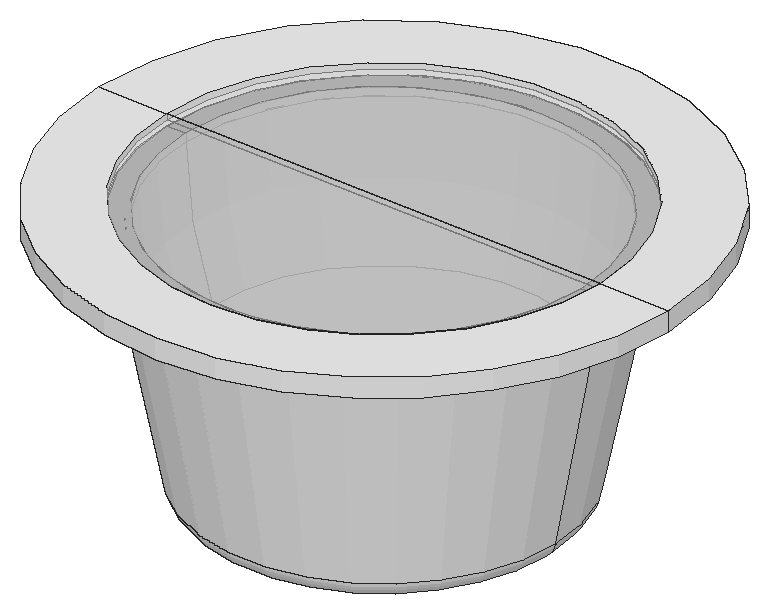
Revit family "2060573+2028034 Sylvania Lighting Fixture ASCENT 100 II ARCH 3600 3K DALI EMG 160 with IP44 Clear Glass", category Lighting Fixtures, host Face, Revit 2016
Family settings
  Host = Face
  Part Type = Normal
  Round Connector Dimension = Use Diameter
  OmniClass Number = 23.80.70.11.17
  OmniClass Title = Specialized Lighting by Location or Use
  Cut with Voids When Loaded = No
  Light Source = Yes
  Shared = No
  Room Calculation Point = No
Parameters (values of type "2060573+2028034 ASCT100 II ARCH 3600 3K DALI EMG 160 with IP44 Clear Glass")
  WidthBezelAcc_SYL = 25.0 mm
  Weight = "1.92 kg"
  Wattage = 32 W
  WarrantyStartDate [instance] = "n/a"
  WarrantyGuarantorParts = "n/a"
  WarrantyDurationUnit = "n/a"
  WarrantyDurationParts = "n/a"
  WarrantyDescription = "n/a"
  built-in parameter 1150110 = 1 (stored number, unit not read)
  Voltage = 0 V
  VisibilityAccessory_SYL = yes
  TypeName = "ASCENT 100 II ARCH 3600 3K DALI EMG 160"
  built-in parameter 1114217 = 1 (stored number, unit not read)
  Tilt Angle = -90°
  built-in parameter 1150109 = 1 (stored number, unit not read)
  built-in parameter 1150134 = (empty or 0)
  built-in parameter 1150113 = 1 (stored number, unit not read)
  SerialNumber [instance] = "n/a"
  ReflectorRadius_SYL = Radius_SYL - 14.5 mm  # 80.0 mm
  RadiusAcc_SYL = 105.0 mm
  Radius_SYL = 94.5 mm
  URL = "http://www.sylvania-lighting.com"
  PowerFactor = 0
  PowerConsumption = "32 W"
  Photometric Web File = "2060573.ies"
  NominalWidth = 0.0 mm
  NominalLength = 0.0 mm
  NominalHeight = 94.0 mm
  Name = "ASCENT 100 II ARCH 3600 3K DALI EMG 160"
  ModelReference = "ASCENT 100 II ARCH 3600 3K DALI EMG 160"
  ModelNumber = "2060573+2028034"
  Material_4_SYL = none
  Material_3_SYL = Polycarbonate_Sylvania_Ascent_Clear
  Material_2_SYL = Aluminium_Sylvania_Ascent_Silver
  Material_1_SYL = Aluminum_Sylvania_Ascent_White
  Material = "aluminium housing, arcylic diffuser"
  ManufacturerName = "Feilo Sylvania"
  LuminousEfficacy = "111 lm/W"
  built-in parameter 1150105 = 282.66 (stored number, unit not read)
  Lumens = 3552 lm
  LuminaireType = ""
  built-in parameter 1150115 = 1 (stored number, unit not read)
  LightOutputRatio = "100"
  built-in parameter 1150137 = (empty or 0)
  built-in parameter 1150139 = (empty or 0)
  LampsType = Lamp  # "LED"
  LampNominalLuminous = "3548 lm"
  LampMacAdamStep = "3"
  LampColourTemperature = "3000 K"
  LampColourRenderingIndex = "80"
  built-in parameter 1150112 = 1 (stored number, unit not read)
  built-in parameter 1150114 = 1 (stored number, unit not read)
  Keynote = "16500"
  InstallationDate [instance] = "n/a"
  InputVoltage = "n/a"
  InputNominalFrequency = "n/a"
  built-in parameter 1150132 = (empty or 0)
  built-in parameter 1150102 = (empty or 0)
  built-in parameter 1150107 = 3000 (stored number, unit not read)
  built-in parameter 1150138 = (empty or 0)
  IngressProtection = "IP44"
  ImpactProtectionIndex = "IK02"
  built-in parameter 1150106 = 2.8266 (stored number, unit not read)
  IfcExportType = "IfcLightFixtureType"
  IfcExportAs = "IfcLightFixtureType"
  Height_SYL = 94.0 mm
  HeightAcc_SYL = 7.0 mm
  ExpectedLife = 50000
  EmittionSurface_SYL = if(VisibilityAccessory_SYL, 7.0 mm, 3.0 mm)  # 7.0 mm
  Emit from Circle Diameter = DiffuserRadius_SYL * 2  # 146.0 mm
  Emit Shape Visible in Rendering = no
  ElectricShockClassification = "Class II"
  built-in parameter 1150104 = 10.312 (stored number, unit not read)
  DurationUnit = "hours"
  DocumentationLiterature = "http://www.sylvania-lighting.com/product/en-int/products/2060573"
  DimmingControlOptions = "n/a"
  Dimming Lamp Color Temperature Shift = <None>
  DiffuserRadius_SYL = ReflectorRadius_SYL - 7.0 mm  # 73.0 mm
  Diameter_SYL = 2 * Radius_SYL  # 189.0 mm
  CutoutDiameter_SYL = Diameter_SYL - 13.0 mm  # 176.0 mm
  CreatedOn = "9/17/2018"
  CreatedBy = "@sylvania-lighting.com"
  Color Filter = 16777215
  built-in parameter 1114216 [instance] = 1 (stored number, unit not read)
  Model = "ASCENT 100 II ARCH 3600 3K DALI EMG 160"
  Manufacturer = "Feilo Sylvania"
  Lamp = "LED"
  Description = "Direct LED retro fit for original LED 100 Arch (160) single CFL lamp offering Matching lumen levels and improved light distribution of original LED 100 CFL lamp equivalents Typically half the power consumption compared to CFL Up to 112lm/W 160mm aperture Architectural reflector accepts range of glass accessories from existing LED 100 Arch 160 offering HE, HO and VHO versions equivalent of single 1 x 18W, 1 x 32W, 1 x 42W\r\n Additional VVHO versions which offer the performance circa 2 x 32W equivalent"  # constant formula
  Default Elevation = 0.0 mm
  built-in parameter 1140040 [instance] = 1
  BarCode [instance] = "n/a"
  built-in parameter 1114218 = 1 (stored number, unit not read)
  built-in parameter 1150133 = 10 (stored number, unit not read)
  AssetType = "Fixed"
  AssetIdentifier [instance] = "n/a"
  Assembly Code = "D5020200"
  Apparent Load = 32 VA
  Aperture_SYL = 2 * ReflectorRadius_SYL  # 160.0 mm
Types (2, lengths in mm): name | Wattage | TypeName | Photometric Web File | Name | ModelReference | built-in parameter 1150105 | Lumens | built-in parameter 1150106 | Model | Apparent Load
  2060573+2028034 ASCT100 II ARCH 3600 3K DALI EMG 160 with IP44 Clear Glass | 32 W | "ASCENT 100 II ARCH 3600 3K DALI EMG 160" | "2060573.ies" | "ASCENT 100 II ARCH 3600 3K DALI EMG 160" | "ASCENT 100 II ARCH 3600 3K DALI EMG 160" | 282.66 (stored number, unit not read) | 3552 lm | 2.8266 (stored number, unit not read) | "ASCENT 100 II ARCH 3600 3K DALI EMG 160" | 32 VA
  2060573+2028034 ASCT100 II ARCH 3600 3K DALI EMG 160 with IP44 Clear Glass Emergency mode | 1.61261 W | "ASCT100 II ARCH 3600 3K DALI EMG 160 with IP44 Clear Glass Emergency mode" | "2060573EM.ies" | "ASCT100 II ARCH 3600 3K DALI EMG 160 with IP44 Clear Glass Emergency mode" | "ASCT100 II ARCH 3600 3K DALI EMG 160 with IP44 Clear Glass Emergency mode" | 14.244 (stored number, unit not read) | 179 lm | 0.14244 (stored number, unit not read) | "ASCT100 II ARCH 3600 3K DALI EMG 160 with IP44 Clear Glass Emergency mode" | 1.61261 VA
Reference planes
  plane 1 "Center (Front/Back)": y = 0
  plane 2: z = 0
  plane 3 "Center (Left/Right)": x = 0
  plane 4 "Fixture Bottom": z = 3
  plane 5: z = -52.5
  plane 6 "Fixture Top": z = -91
  plane 7: x = -105
  plane 8: z = 7
  plane 9: x = -80
  plane 10: z = 5
  plane 11: x = -103
Forms (mm)
  Extrusion 1, solid, material "Aluminum_Sylvania_Ascent_White", detail levels fine
    sketch origin (0, 0, 0) x (1, 0, 0) y (0, 1, 0)
      loop
        circle (0, 0) r 94.5
      loop
        circle (0, 0) r 80
    from 0 to 3
  Extrusion 2, void
    sketch origin (0, 0, 0) x (1, 0, 0) y (0, 1, 0)
      loop
        circle (0, 0) r 88
    from -91 to 3
  Revolve 3, solid, material "Aluminum_Sylvania_Ascent_White" <- "Material_1_SYL", detail levels fine
    sketch origin (0, 0, 0) x (1, 0, 0) y (0, 0, 1)
      loop
        line (0, -91.073) -> (0, -89.023) -> (-55.468, -89.014)
        arc (-55.468, -89.014) -> (-59.352, -87.613) -> (-61.54, -84.139) r 6.307
        line (-61.54, -84.139) -> (-77.991, -2.844) -> (-77.991, 0) -> (-80, 0) -> (-80, -3) -> (-63.5, -84.536)
        arc (-63.5, -84.536) -> (-60.643, -89.203) -> (-55.5, -91.073) r 8.291
        line (-55.5, -91.073) -> (0, -91.073)
      axis (0, 0) -> (0, -91.073)
    angle from 0 to 360
  Revolve 4, solid, material "Aluminium_Sylvania_Ascent_Silver" <- "Material_2_SYL", detail levels fine
    sketch origin (0, 0, 0) x (1, 0, 0) y (0, 0, 1)
      loop
        line (-80, 3) -> (-80, 0) -> (-75, 0)
        arc (-75, 0) -> (-72.349, -26.77) -> (-64.5, -52.5) r 136.5
        line (-64.5, -52.5) -> (-58, -52.5)
        arc (-58, -52.5) -> (-56.857, -61.521) -> (-53.5, -69.971) r 36.166
        line (-53.5, -69.971) -> (0, -69.971) -> (0, -50.5) -> (-63.16, -50.5)
        arc (-63.16, -50.5) -> (-70.517, -25.725) -> (-73, 0) r 134.5
        line (-73, 0) -> (-73, 3) -> (-80, 3)
      axis (0, 3) -> (0, -69.971)
    angle from 0 to 360
  Extrusion 5, solid, material "Polycarbonate_Sylvania_Ascent_Clear" <- "Material_3_SYL", detail levels fine
    sketch origin (0, 0, 0) x (1, 0, 0) y (0, 1, 0)
      loop
        circle (0, 0) r 73
    from 0 to 3
  Revolve 6, solid, material "Aluminum_Sylvania_Ascent_White" <- "Material_1_SYL", detail levels coarse+medium
    sketch origin (0, 0, 0) x (1, 0, 0) y (0, 0, 1)
      loop
        line (0, -91.073) -> (0, 3) -> (-94.5, 3) -> (-94.5, 0) -> (-79.5, 0) -> (-79.5, -3) -> (-63, -84.536)
        arc (-63, -84.536) -> (-60.143, -89.203) -> (-55, -91.073) r 8.291
        line (-55, -91.073) -> (0, -91.073)
      axis (0, 3) -> (0, -91.073)
    angle from 0 to 360
  Revolve 7, solid, material "Aluminum_Sylvania_Ascent_White" <- "Material_1_SYL", visible <- "VisibilityAccessory_SYL"
    sketch origin (0, 0, 0) x (1, 0, 0) y (0, 0, 1)
      loop
        line (-105, 0) -> (-103, 0) -> (-103, 5) -> (-80, 5) -> (-80, 7) -> (-105, 7) -> (-105, 0)
      axis (0, 7) -> (0, 0)
    angle from 0 to 360
  Revolve 8, solid, material "Polycarbonate_Sylvania_Ascent_Clear" <- "Material_3_SYL", visible <- "VisibilityAccessory_SYL"
    sketch origin (0, 0, 0) x (1, 0, 0) y (0, 0, 1)
      loop
        line (-80, 7) -> (-80, 5) -> (0, 5) -> (0, 7) -> (-80, 7)
      axis (0, 7) -> (0, 5)
    angle from 0 to 360
Lines and regions (mm)
  reference lines
    curve 1: line (-150, 0, 7) -> (125, 0, 7)
Dimensions and locks
  locked: plane 4 "Fixture Bottom" to plane 2 at 3
  "Height_SYL": plane 4 "Fixture Bottom" to plane 6 "Fixture Top"
  "ReflectorRadius_SYL": plane 3 "Center (Left/Right)" to Revolve 4 sketch curve
  locked: Revolve 4 sketch curve to Revolve 4 sketch curve at 15.5
  locked: Revolve 4 sketch curve to Revolve 4 sketch curve at 5
  locked: Revolve 4 sketch curve to Revolve 4 sketch curve at 7
  locked: Revolve 4 sketch curve to Revolve 4 sketch curve at 22
  locked: Revolve 4 sketch curve to Revolve 4 sketch curve at 26.5
  locked: Revolve 3 sketch curve to Revolve 3 sketch curve at 16.5
  locked: Revolve 3 sketch curve to Revolve 3 sketch curve at 24.5
  "ReflectorRadius_SYL": Revolve 3 sketch curve to plane 3 "Center (Left/Right)"
  locked: Revolve 3 sketch curve to plane 6 "Fixture Top" at 6.464
  locked: plane 2 to Revolve 3 sketch curve at 3
  locked: Revolve 3 sketch curve to Revolve 3 sketch curve at 2
  locked: Revolve 3 sketch curve to Revolve 3 sketch curve at 2.009
  locked: plane 2 to plane 5 at 52.5
  locked: Revolve 6 sketch curve to Revolve 6 sketch curve at 31.5
  locked: Revolve 6 sketch curve to Revolve 6 sketch curve at 39.5
  locked: Revolve 6 sketch curve to Revolve 6 sketch curve at 15
  "Radius_SYL": plane 3 "Center (Left/Right)" to Revolve 6 sketch curve
  "RadiusAcc_SYL": plane 3 "Center (Left/Right)" to plane 7
  "HeightAcc_SYL": plane 8 to level
  "WidthBezelAcc_SYL": plane 7 to plane 9
  locked: plane 7 to plane 11 at 2
  locked: plane 8 to plane 10 at 2
  "EmittionSurface_SYL": curve 1 to level
  "CutoutDiameter_SYL": diameter of Extrusion 2 sketch curve
  "ReflectorRadius_SYL": radius of Extrusion 1 sketch curve
  "DiffuserRadius_SYL": radius of Extrusion 5 sketch curve
  "Radius_SYL": radius of Extrusion 1 sketch curve
  aligned and locked: host face to plane 2
  aligned and locked: host face to level
  aligned and locked: plane 4 "Fixture Bottom" to Extrusion 1
  aligned and locked: Extrusion 1 to plane 2
  aligned and locked: Revolve 3 sketch curve to plane 3 "Center (Left/Right)"
  aligned and locked: Revolve 4 sketch curve to plane 3 "Center (Left/Right)"  (x2)
  aligned and locked: plane 4 "Fixture Bottom" to Revolve 4 sketch curve
  aligned and locked: Extrusion 5 to plane 2
  aligned and locked: plane 2 to Revolve 3 sketch curve  (x2)
  aligned and locked: Revolve 6 sketch curve to plane 3 "Center (Left/Right)"
  aligned and locked: plane 6 "Fixture Top" to Extrusion 2
  aligned and locked: Revolve 7 sketch curve to plane 3 "Center (Left/Right)"
  aligned and locked: host face to Revolve 7 sketch curve  (x2)
  aligned and locked: Revolve 7 sketch curve to plane 7
  aligned and locked: plane 8 to Revolve 7 sketch curve
  aligned and locked: plane 9 to Revolve 7 sketch curve
  aligned and locked: Revolve 7 sketch curve to plane 10
  aligned and locked: plane 11 to Revolve 7 sketch curve
  aligned and locked: Revolve 7 to Revolve 8 sketch curve
  aligned and locked: Revolve 8 sketch curve to Revolve 7  (x2)
  aligned and locked: Revolve 8 sketch curve to plane 3 "Center (Left/Right)"  (x2)
  aligned and locked: plane 3 "Center (Left/Right)" to imposter light
  aligned and locked: imposter light to plane 1 "Center (Front/Back)"
  aligned and locked: imposter light to curve 1
Automatic sketch dimensions
  plane 1 "Center (Front/Back)" to Extrusion 2 sketch curve = 0.0 mm
  Extrusion 2 sketch curve to plane 3 "Center (Left/Right)" = 0.0 mm
  Extrusion 1 sketch curve to Extrusion 1 sketch curve = 0.0 mm  (x2)
  plane 1 "Center (Front/Back)" to Extrusion 1 sketch curve = 0.0 mm
  Extrusion 1 sketch curve to plane 3 "Center (Left/Right)" = 0.0 mm
  plane 6 "Fixture Top" to Revolve 3 sketch curve = 0.073 mm
  Revolve 3 sketch curve to plane 6 "Fixture Top" = 6.861 mm
  Revolve 3 sketch curve to Revolve 3 sketch curve = 0.003 mm
  Revolve 3 sketch curve to Revolve 3 sketch curve = 0.009 mm  (x2)
  Revolve 3 sketch curve to Revolve 3 sketch curve = 0.023 mm
  Revolve 3 sketch curve to Revolve 3 sketch curve = 0.072 mm
  Revolve 3 sketch curve to Revolve 3 sketch curve = 0.008 mm
  Revolve 3 sketch curve to plane 6 "Fixture Top" = 1.977 mm
  Revolve 3 sketch curve to Revolve 3 sketch curve = 33.496 mm
  Revolve 3 sketch curve to Revolve 3 sketch curve = 0.028 mm
  plane 4 "Fixture Bottom" to Revolve 3 sketch curve = 82.431 mm
  Revolve 4 sketch curve to Revolve 4 sketch curve = 0.0 mm  (x2)
  Revolve 4 sketch curve to plane 5 = 0.0 mm
  Revolve 4 sketch curve to level = 0.0 mm
  plane 5 to Revolve 4 sketch curve = 2.0 mm
  plane 4 "Fixture Bottom" to Revolve 4 sketch curve = 9.642 mm
  plane 1 "Center (Front/Back)" to Extrusion 5 sketch curve = 0.0 mm
  Extrusion 5 sketch curve to plane 3 "Center (Left/Right)" = 0.0 mm
  Revolve 4 sketch curve to level = 69.971 mm
  Revolve 4 sketch curve to Revolve 4 sketch curve = 2.387 mm
  Revolve 6 sketch curve to level = 0.0 mm
  Revolve 6 sketch curve to plane 3 "Center (Left/Right)" = 0.0 mm
  Revolve 6 sketch curve to Revolve 6 sketch curve = 8.104 mm
  Revolve 6 sketch curve to level = 3.0 mm
  Revolve 6 sketch curve to plane 6 "Fixture Top" = 6.464 mm
  plane 6 "Fixture Top" to Revolve 6 sketch curve = 0.073 mm
  Revolve 6 sketch curve to Revolve 6 sketch curve = 33.496 mm
  plane 4 "Fixture Bottom" to Revolve 6 sketch curve = 82.431 mm
  host sketch curve to host sketch curve = 1704.996 mm
  host sketch curve to host sketch curve = 1500.0 mm
  plane 6 "Fixture Top" to Revolve 7 sketch curve = 281.274 mm
  Revolve 7 sketch curve to plane 8 = 1140.706 mm
  plane 6 "Fixture Top" to Revolve 8 sketch curve = 281.274 mm
  Revolve 8 sketch curve to Revolve 8 sketch curve = 1140.706 mm
  Revolve 3 sketch curve to plane 3 "Center (Left/Right)" = 0.0 mm
  Revolve 6 sketch curve to plane 4 "Fixture Bottom" = 0.0 mm
  plane 7 to curve 1 = 45.0 mm
  plane 3 "Center (Left/Right)" to curve 1 = 125.0 mm
Connectors
  electrical at (0, 0, -91.073), driven by "Apparent Load"
    settings: on Revolve 3, index 1, voltage 240 V, apparent load 0 VA, apparent load phase1 32 VA, apparent load phase2 0 VA, apparent load phase3 0 VA, power factor 1, load classification "Lighting", number of poles 1, system type 31, power factor state 1, is connector primary yes, connector utility no, sub classification motor no, connector description ""
